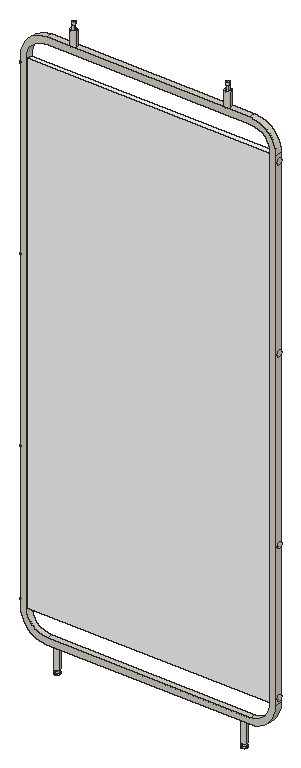
Revit family "okamura_LivesPostBeam120_BLS5B2_ライブス ポストビーム_固定パネル_ホワイトボードL_900W2040H", category 家具, Revit 2017
Family settings
  OmniClass 番号 = 23.40.20.00
  OmniClass タイトル = General Furniture and Specialties
  作業面に基づく = いいえ
  常に垂直 = はい
  ロード時にボイドで切り取り = いいえ
  共有 = いいえ
  部屋計算ポイント = いいえ
Parameters (values of type "（ライトグレージュ）")
  製造元 = "株式会社オカムラ"
  製品名称 [instance] = "ライブス ポストビーム"  # constant formula
  製品コード/色仕様 = "BLS5B2"  # constant formula
  製品コード [instance] = "BLS5B2"  # constant formula
  色仕様名称 [instance] = "ライトグレージュ"
  色仕様コード [instance] = ""
  本体 = okm_ZH17
  導入日 [instance] = ""
  共通仕様 = ""
  備考 = ""
  シリアルNo [instance] = ""
  キーノート = "12490"
  アセンブリ コード = "E2020200"
  W = 900.0 mm  # constant formula
  URL = "http://www.okamura.co.jp/"
  Product_URL = ""
  ID [instance] = ""
  H = 2040.0 mm  # constant formula
  D = 21.0 mm  # constant formula
  Copyright [instance] = "©2022.10 okamura Corp."  # constant formula
Types (5, lengths in mm): name | 色仕様名称 | 本体
  (no name) | "ライトグレージュ" | okm_ZH17
  （ライトグレージュ） | "ライトグレージュ" | okm_ZH17
  （ブラック） | "ブラック" | okm_ZK25
  （ネオホワイト） | "ネオホワイト" | okm_ZA75
  （ダークグレー） | "ダークグレー" | okm_ZH15
Reference planes
  plane 1 "中心(正面/背面)": y = 0
  plane 2: z = 0
  plane 3 "中心(左/右)": x = 0
  plane 4 "左": x = -450
  plane 5 "右": x = 450
  plane 6 "背面": y = 10.5
  plane 7 "正面": y = -10.5
  plane 8 "上": z = 2040
  plane 9: z = 1990
Forms (mm)
  Extrusion 1, solid, material "okm_ZH17" <- "本体"
    sketch origin (0, 0, 0) x (1, 0, 0) y (0, 0, 1)
      loop
        line (-447.5, 1899) -> (-447.5, 176)
        arc (-447.5, 176) -> (-420.847, 111.653) -> (-356.5, 85) r 91
        line (-356.5, 85) -> (356.5, 85)
        arc (356.5, 85) -> (420.847, 111.653) -> (447.5, 176) r 91
        line (447.5, 176) -> (447.5, 1899)
        arc (447.5, 1899) -> (420.847, 1963.347) -> (356.5, 1990) r 91
        line (356.5, 1990) -> (-356.5, 1990)
        arc (-356.5, 1990) -> (-420.847, 1963.347) -> (-447.5, 1899) r 91
      loop
        arc (-426.5, 176) -> (-405.997, 126.503) -> (-356.5, 106) r 70
        line (-356.5, 106) -> (356.5, 106)
        arc (356.5, 106) -> (405.997, 126.503) -> (426.5, 176) r 70
        line (426.5, 176) -> (426.5, 1899)
        arc (426.5, 1899) -> (405.997, 1948.497) -> (356.5, 1969) r 70
        line (356.5, 1969) -> (-356.5, 1969)
        arc (-356.5, 1969) -> (-405.997, 1948.497) -> (-426.5, 1899) r 70
        line (-426.5, 1899) -> (-426.5, 176)
    from -10.5 to 10.5
  Extrusion 2, solid, material "okm_H343"
    sketch origin (0, 0, 0) x (1, 0, 0) y (0, 0, 1)
      loop
        line (-426.5, 176) -> (426.5, 176) -> (426.5, 1899) -> (-426.5, 1899) -> (-426.5, 176)
    from -9.5 to 9.5
  Extrusion 3, solid, material "okm_ZH17" <- "本体"
    sketch origin (0, 0, 0.2) x (0, 1, 0) y (0, 0, 1)
      loop
        circle (0, 196) r 9
      loop
        circle (0, 674.988) r 9
      loop
        circle (0, 1878.6) r 9
      loop
        circle (0, 1276.808) r 9
    from 446.4 to 450
  Revolve 4, solid, material "okm_ZH17" <- "本体"
    sketch origin (0, 0, 0) x (1, 0, 0) y (0, 0, 1)
      loop
        line (-270, 2065) -> (-276, 2065) -> (-276, 2059) -> (-274, 2059) -> (-274, 2040) -> (-280, 2040) -> (-280, 1990) -> (-270, 1990) -> (-270, 2065)
      axis (-270, 2065) -> (-270, 1990)
    angle from 0 to 360
  Revolve 5, solid, material "okm_ZH17" <- "本体"
    sketch origin (0, 0, 0) x (-1, 0, 0) y (0, 0, 1)
      loop
        line (-270, 2065) -> (-276, 2065) -> (-276, 2059) -> (-274, 2059) -> (-274, 2040) -> (-280, 2040) -> (-280, 1990) -> (-270, 1990) -> (-270, 2065)
      axis (-270, 2065) -> (-270, 1990)
    angle from 0 to 360
  Revolve 6, solid, material "okm_ZH17" <- "本体"
    sketch origin (0, 0, 2075) x (1, 0, 0) y (0, 0, -1)
      loop
        line (-337.05, 2060) -> (-337.05, 1990) -> (-327.5, 1990) -> (-327.5, 2075) -> (-336.481, 2075)
        arc (-336.481, 2075) -> (-337.188, 2074.707) -> (-337.481, 2074) r 1
        line (-337.481, 2074) -> (-337.481, 2072)
        arc (-337.481, 2072) -> (-337.188, 2071.293) -> (-336.481, 2071) r 1
        line (-336.481, 2071) -> (-335.006, 2071) -> (-335.006, 2065) -> (-332.5, 2065)
        arc (-332.5, 2065) -> (-331.793, 2064.707) -> (-331.5, 2064) r 1
        line (-331.5, 2064) -> (-331.5, 2060) -> (-337.05, 2060)
      axis (-327.5, 1990) -> (-327.5, 2075)
    angle from 0 to 360
  Revolve 7, solid, material "okm_ZH17" <- "本体"
    sketch origin (0, 0, 2075) x (-1, 0, 0) y (0, 0, -1)
      loop
        line (-337.05, 2060) -> (-337.05, 1990) -> (-327.5, 1990) -> (-327.5, 2075) -> (-336.481, 2075)
        arc (-336.481, 2075) -> (-337.188, 2074.707) -> (-337.481, 2074) r 1
        line (-337.481, 2074) -> (-337.481, 2072)
        arc (-337.481, 2072) -> (-337.188, 2071.293) -> (-336.481, 2071) r 1
        line (-336.481, 2071) -> (-335.006, 2071) -> (-335.006, 2065) -> (-332.5, 2065)
        arc (-332.5, 2065) -> (-331.793, 2064.707) -> (-331.5, 2064) r 1
        line (-331.5, 2064) -> (-331.5, 2060) -> (-337.05, 2060)
      axis (-327.5, 1990) -> (-327.5, 2075)
    angle from 0 to 360
  Extrusion 8, solid, material "okm_ZH17" <- "本体"
    sketch origin (0, 0, 0.2) x (0, 1, 0) y (0, 0, -1)
      loop
        circle (0, -196) r 9
      loop
        circle (0, -674.988) r 9
      loop
        circle (0, -1878.6) r 9
      loop
        circle (0, -1276.808) r 9
    from 446.4 to 450
Lines and regions (mm)
  Masking region 1
    outline origin (0, 0, 0) x (1, 0, 0) y (0, 1, 0)
      loop
        line (-450, 10.5) -> (-450, -10.5) -> (450, -10.5) -> (450, 10.5) -> (-450, 10.5)
  symbolic lines, style "okm_標準・詳細", detail levels medium+fine
    curve 1: line (-450, -17.5, 0) -> (-450, 17.5, 0)
  symbolic lines, style "okm_簡略", detail levels coarse
    curve 2: line (-450, 17.5, 0) -> (-450, -17.5, 0)
Dimensions and locks
  equal spacing: plane 4 "左", plane 3 "中心(左/右)", plane 5 "右"
  "W": plane 4 "左" to plane 5 "右"
  equal spacing: plane 7 "正面", plane 1 "中心(正面/背面)", plane 6 "背面"
  "D": plane 7 "正面" to plane 6 "背面"
  "H": plane 8 "上" to level
  plane 8 "上" to plane 9 = 50.0 mm
  aligned and locked: level to plane 2
Automatic sketch dimensions
  curve 1 to plane 4 "左" = 0.0 mm
  plane 1 "中心(正面/背面)" to curve 2 = 17.5 mm
  curve 2 to plane 1 "中心(正面/背面)" = 17.5 mm
  Extrusion 1 sketch curve to Extrusion 1 sketch curve = 0.0 mm  (x8)
  Extrusion 1 sketch curve to plane 9 = 0.0 mm
  plane 4 "左" to Extrusion 1 sketch curve = 2.5 mm
  Extrusion 1 sketch curve to Extrusion 1 sketch curve = 21.0 mm
  Extrusion 1 sketch curve to Extrusion 1 sketch curve = 70.0 mm  (x2)
  Extrusion 1 sketch curve to plane 5 "右" = 93.5 mm  (x2)
  Extrusion 1 sketch curve to plane 5 "右" = 23.5 mm
  level to Extrusion 1 sketch curve = 176.0 mm
  plane 4 "左" to Extrusion 2 sketch curve = 23.5 mm
  Extrusion 2 sketch curve to plane 5 "右" = 23.5 mm
  level to Extrusion 2 sketch curve = 176.0 mm
  Extrusion 2 sketch curve to plane 9 = 91.0 mm
  plane 1 "中心(正面/背面)" to Extrusion 3 sketch curve = 0.0 mm  (x4)
  level to Extrusion 3 sketch curve = 196.2 mm
  Extrusion 3 sketch curve to Extrusion 3 sketch curve = 478.988 mm
  Extrusion 3 sketch curve to Extrusion 3 sketch curve = 601.82 mm
  Extrusion 3 sketch curve to plane 9 = 111.2 mm
  Masking region 1 sketch curve to plane 4 "左" = 0.0 mm
  Masking region 1 sketch curve to plane 5 "右" = 0.0 mm
  plane 1 "中心(正面/背面)" to Masking region 1 sketch curve = 10.5 mm
  Masking region 1 sketch curve to plane 1 "中心(正面/背面)" = 10.5 mm
  Revolve 4 sketch curve to plane 9 = 0.0 mm
  Revolve 4 sketch curve to plane 8 "上" = 0.0 mm
  plane 4 "左" to Revolve 4 sketch curve = 170.0 mm
  Revolve 4 sketch curve to Revolve 4 sketch curve = 4.0 mm
  Revolve 4 sketch curve to Revolve 4 sketch curve = 6.0 mm  (x2)
  Revolve 4 sketch curve to Revolve 4 sketch curve = 10.0 mm
  plane 8 "上" to Revolve 4 sketch curve = 19.0 mm
  Revolve 4 sketch curve to Revolve 4 sketch curve = 0.0 mm
  Revolve 4 sketch curve to Revolve 4 sketch curve = 1.0 mm
  Revolve 4 sketch curve to Revolve 4 sketch curve = 15.0 mm
  Revolve 5 sketch curve to plane 9 = 0.0 mm
  Revolve 5 sketch curve to plane 8 "上" = 0.0 mm
  plane 5 "右" to Revolve 5 sketch curve = 170.0 mm
  Revolve 5 sketch curve to Revolve 5 sketch curve = 4.0 mm
  Revolve 5 sketch curve to Revolve 5 sketch curve = 6.0 mm  (x2)
  Revolve 5 sketch curve to Revolve 5 sketch curve = 10.0 mm
  Revolve 5 sketch curve to plane 8 "上" = 19.0 mm
  Revolve 5 sketch curve to Revolve 5 sketch curve = 0.0 mm
  Revolve 5 sketch curve to Revolve 5 sketch curve = 1.0 mm
  Revolve 5 sketch curve to Revolve 5 sketch curve = 15.0 mm
  Revolve 6 sketch curve to level = 0.0 mm  (x2)
  Revolve 6 sketch curve to level = 3.0 mm
  Revolve 6 sketch curve to plane 4 "左" = 112.519 mm
  Revolve 6 sketch curve to Revolve 6 sketch curve = 0.431 mm
  Revolve 6 sketch curve to Revolve 6 sketch curve = 1.0 mm  (x3)
  Revolve 6 sketch curve to Revolve 6 sketch curve = 1.476 mm
  Revolve 6 sketch curve to Revolve 6 sketch curve = 2.506 mm
  Revolve 6 sketch curve to Revolve 6 sketch curve = 9.55 mm
  Revolve 6 sketch curve to Revolve 6 sketch curve = 6.0 mm
  Revolve 6 sketch curve to Revolve 6 sketch curve = 4.0 mm
  Revolve 6 sketch curve to Revolve 6 sketch curve = 70.0 mm
  Revolve 6 sketch curve to Revolve 6 sketch curve = 0.0 mm
  Revolve 6 sketch curve to Revolve 6 sketch curve = 25.0 mm
  Revolve 7 sketch curve to level = 0.0 mm  (x2)
  level to Revolve 7 sketch curve = 3.0 mm
  Revolve 7 sketch curve to plane 5 "右" = 112.519 mm
  Revolve 7 sketch curve to Revolve 7 sketch curve = 0.431 mm
  Revolve 7 sketch curve to Revolve 7 sketch curve = 1.0 mm  (x3)
  Revolve 7 sketch curve to Revolve 7 sketch curve = 1.476 mm
  Revolve 7 sketch curve to Revolve 7 sketch curve = 2.506 mm
  Revolve 7 sketch curve to Revolve 7 sketch curve = 9.55 mm
  Revolve 7 sketch curve to Revolve 7 sketch curve = 6.0 mm
  Revolve 7 sketch curve to Revolve 7 sketch curve = 4.0 mm
  Revolve 7 sketch curve to Revolve 7 sketch curve = 70.0 mm
  Revolve 7 sketch curve to Revolve 7 sketch curve = 0.0 mm
  Revolve 7 sketch curve to level = 25.0 mm
  plane 1 "中心(正面/背面)" to Extrusion 8 sketch curve = 0.0 mm  (x4)
  Extrusion 8 sketch curve to plane 9 = 111.2 mm
  Extrusion 8 sketch curve to Extrusion 8 sketch curve = 601.792 mm
  Extrusion 8 sketch curve to Extrusion 8 sketch curve = 601.82 mm
  level to Extrusion 8 sketch curve = 196.2 mm
  radius of Extrusion 3 sketch curve = 9.0 mm  (x4)
  radius of Extrusion 8 sketch curve = 9.0 mm  (x4)
